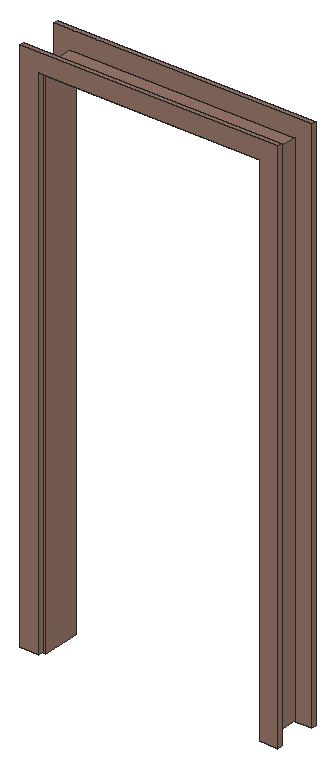
Revit family "983192474cf546888f71fbc6c647451a", category Generic Models, host Wall, Revit 2021
Family settings
  Host = Wall
  Can host rebar = No
  Round Connector Dimension = Use Diameter
  Part Type = Normal
  OmniClass Number = 23.30.10.00
  OmniClass Title = Doors
  Seek Item ID = Opening-Cased-0000-USA-ENU
  Always vertical = Yes
  Cut with Voids When Loaded = No
  Shared = No
  Room Calculation Point = No
Parameters (values of type "36" x 84"")
  Frame Material = Door - Frame
  Height = 7' - 0"
  Trim Thickness = 0' - 0 3/4"
  Trim Width = 0' - 3"
  Width = 3' - 0"
  Default Elevation = 0' - 0"
Types (8): name | Height | Width
  (no name) | 7' - 0" | 3' - 0"
  36" x 84" | 7' - 0" | 3' - 0"
  30" x 84" | 7' - 0" | 2' - 6"
  30" x 80" | 6' - 8" | 2' - 6"
  32" x 84" | 7' - 0" | 2' - 8"
  34" x 80" | 6' - 8" | 2' - 10"
  34" x 84" | 7' - 0" | 2' - 10"
  36" x 80" | 6' - 8" | 3' - 0"
Reference planes (in)
  plane 1: y = 0
  plane 2 "Center (Left/Right)": x = -0.32239
  plane 3 "Right": x = 17.67761
  plane 4 "Left": x = -18.32239
  plane 5 "Top": z = 84
  plane 6: y = 3.75
  plane 7: y = -3.75
Forms (in)
  Sweep 1, solid, material "Door - Frame" <- "Frame Material", detail levels medium+fine
    path in 3D
      loop
        line (17.67761, 3, 0) -> (17.67761, 3, 84) -> (-18.32239, 3, 84) -> (-18.32239, 3, 0)
    profile origin (17.67761, 0, 42) x (0, 1, 0) y (-1, 0, 0)
      loop
        line (3, 0) -> (3, 0.75) -> (-3, 0.75) -> (-3, 0) -> (3, 0)
  Extrusion 2, solid, material "Door - Frame" <- "Frame Material", detail levels medium+fine
    sketch origin (-60, 3, 0) x (-1, 0, 0) y (0, 0, 1)
      loop
        line (-77.42761, 0) -> (-77.42761, 83.75) -> (-41.92761, 83.75) -> (-41.92761, 0) -> (-38.92761, 0) -> (-38.92761, 87) -> (-80.42761, 87) -> (-80.42761, 0) -> (-77.42761, 0)
    from 0 to 0.75
  Extrusion 3, solid, material "Door - Frame" <- "Frame Material", detail levels medium+fine
    sketch origin (-60, -3, 0) x (1, 0, 0) y (0, 0, 1)
      loop
        line (41.92761, 83.75) -> (77.42761, 83.75) -> (77.42761, 0) -> (80.42761, 0) -> (80.42761, 86.75) -> (38.92761, 86.75) -> (38.92761, 0) -> (41.92761, 0) -> (41.92761, 83.75)
    from 0 to 0.75
Lines and regions (in)
  Opening 1
    outline origin (-60, -3, 0) x (1, 0, 0) y (0, 0, 1)
      loop
        line (77.67761, 84) -> (41.67761, 84) -> (41.67761, 0) -> (77.67761, 0) -> (77.67761, 84)
  symbolic lines, style "Overhead"
    curve 1: line (-18.32239, 3, 0) -> (17.67761, 3, 0)
    curve 2: line (-18.32239, -3, 0) -> (17.67761, -3, 0)
  sketch lines
    curve 3: line (17.67761, 3, 0) -> (17.67761, 3, 84)
    curve 4: line (17.67761, 3, 84) -> (-18.32239, 3, 84)
    curve 5: line (-18.32239, 3, 84) -> (-18.32239, 3, 0)
  symbolic lines, style "GenericModel", detail levels medium+fine
    curve 6: line (-21.07239, -3, 0) -> (-21.07239, -3.75, 0)
    curve 7: line (-21.07239, -3.75, 0) -> (-18.07239, -3.75, 0)
    curve 8: line (-18.07239, -3.75, 0) -> (-18.07239, -3, 0)
    curve 9: line (-17.57239, -3, 0) -> (-17.57239, 3, 0)
    curve 10: line (-18.07239, 3, 0) -> (-18.07239, 3.75, 0)
    curve 11: line (-18.07239, 3.75, 0) -> (-21.07239, 3.75, 0)
    curve 12: line (-21.07239, 3.75, 0) -> (-21.07239, 3, 0)
    curve 13: line (20.42761, 3, 0) -> (20.42761, 3.75, 0)
    curve 14: line (20.42761, 3.75, 0) -> (17.42761, 3.75, 0)
    curve 15: line (17.42761, 3.75, 0) -> (17.42761, 3, 0)
    curve 16: line (16.92761, 3, 0) -> (16.92761, -3, 0)
    curve 17: line (17.42761, -3, 0) -> (17.42761, -3.75, 0)
    curve 18: line (17.42761, -3.75, 0) -> (20.42761, -3.75, 0)
    curve 19: line (20.42761, -3.75, 0) -> (20.42761, -3, 0)
Text (in)
  text "Placement Side" at (0, 40.15149, 123.01588), in view "Right"
  text "Placement Side" at (-70.3804, 49.97178, 0), in view "Ref. Level"
  text "Placement Side" at (0, 59.21414, 117.1547), in view "Left"
Dimensions and locks (in)
  "Width": plane 4 "Left" to plane 3 "Right"
  equal spacing: plane 4 "Left", plane 2 "Center (Left/Right)", plane 3 "Right"
  "Height": host wall to plane 5 "Top"
  "Trim Thickness": Sweep 1 sketch curve to plane 3 "Right"
  plane 3 "Right" to Extrusion 2 sketch curve = 0' - 0 1/4"
  "Trim Width": Extrusion 2 sketch curve to Extrusion 2 sketch curve  (x2)
  locked: plane 4 "Left" to Extrusion 2 sketch curve at 0.25
  locked: Extrusion 2 sketch curve to plane 5 "Top" at 0.25
  "Trim Width": Sweep 1 to Extrusion 2 sketch curve
  locked: Extrusion 3 sketch curve to plane 4 "Left" at 0.25
  "Trim Width": Extrusion 3 sketch curve to Extrusion 3 sketch curve  (x3)
  locked: plane 5 "Top" to Extrusion 3 sketch curve at 0.25
  locked: plane 3 "Right" to Extrusion 3 sketch curve at 0.25
  "Trim Thickness": host wall to plane 6
  "Trim Thickness": plane 7 to host wall
  aligned and locked: plane 3 "Right" to Opening 1 sketch curve
  aligned and locked: Opening 1 sketch curve to plane 5 "Top"
  aligned and locked: level to Opening 1 sketch curve
  aligned and locked: Opening 1 sketch curve to plane 4 "Left"
  aligned and locked: host wall to Sweep 1 sketch curve  (x2)
  aligned and locked: Extrusion 2 to plane 6
  aligned and locked: plane 7 to Extrusion 3
Automatic sketch dimensions
  Sweep 1 sketch curve to Sweep 1 sketch curve = 0' - 0 3/4"
  Extrusion 2 sketch curve to level = 0' - 0"  (x2)
  Extrusion 3 sketch curve to level = 0' - 0"  (x2)
  curve 12 to plane 6 = 0' - 0"
  curve 7 to plane 7 = 0' - 0"
  curve 12 to host wall = 0' - 0"
  curve 6 to host wall = 0' - 0"
  curve 2 to host wall = 0' - 0"
  curve 2 to plane 4 "Left" = 0' - 0"
  curve 1 to host wall = 0' - 0"
  curve 1 to plane 4 "Left" = 0' - 0"
  curve 17 to plane 7 = 0' - 0"
  curve 14 to plane 6 = 0' - 0"
  curve 1 to plane 3 "Right" = 0' - 0"
  curve 2 to plane 3 "Right" = 0' - 0"
  curve 13 to host wall = 0' - 0"
  curve 19 to host wall = 0' - 0"
  curve 11 to plane 4 "Left" = 0' - 2 3/4"
  curve 6 to plane 4 "Left" = 0' - 2 3/4"
  plane 4 "Left" to curve 10 = 0' - 0 1/4"
  curve 2 to curve 8 = 0' - 0 1/4"
  curve 10 to curve 9 = 0' - 0 1/2"
  curve 16 to curve 1 = 0' - 0 3/4"
  curve 17 to plane 3 "Right" = 0' - 0 1/4"
  curve 14 to plane 3 "Right" = 0' - 0 1/4"
  plane 3 "Right" to curve 13 = 0' - 2 3/4"
  plane 3 "Right" to curve 18 = 0' - 2 3/4"
